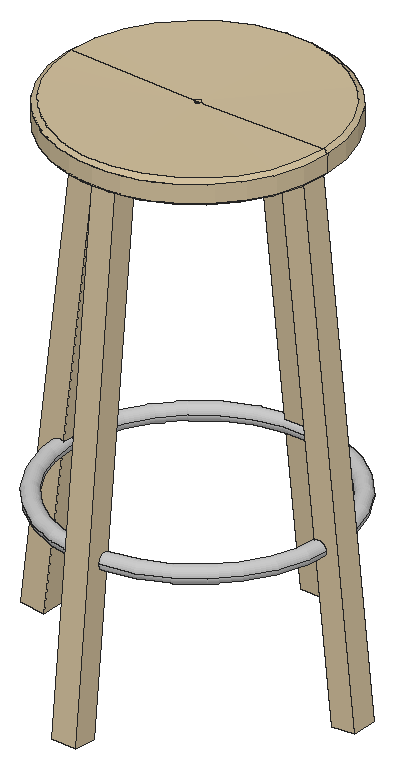
Revit family "Forniture_Stool_Plank_Blocco-Stool", category Furniture, host Face, Revit 2017
Family settings
  Host = Face
  Cut with Voids When Loaded = No
  Shared = No
  Room Calculation Point = No
Parameters (values of type "Blocco Stool - Mod. 8500-60 (63 cm)")
  structure = Plank-Frassino
  Youtube clip = ""
  Weight Net (Kg) = "0"
  Uniformat II Description = "Movable Furnishings"
  Uniformat II Code = "E2020"
  Uniclass 2015 Name = "Furnishings"
  Uniclass 2015 Code = "EF_40_30"
  Uniclass 2.0 Description = "Fittings, Furnishings And Equipment (Ff&E) And Signage Elements"
  Uniclass 2.0 Code = "EE-35"
  Uniclass 1.4 Description = "Furniture/Equipment"
  Uniclass 1.4 Code = "JN"
  URL = "https://www.plank.it/en/"
  UNSPSC Code = "56"
  Technical description = "https://www.plank.it/en/products/stools/blocco/"
  Ring = Plank - Aluminum
  Region South America = "AR, BO, BR, CL, CO, EC, FK, GF, GY, PE, PY, SR, UY, VE"
  Region Oceania = "AS, AU, CK, FJ, FM, GU, KI, MH, MP, NC, NF, NR, NU, NZ, PF, PG, PN, PW, SB, TK, TL, TO, TV, UM, WF, WS, VU"
  Region North America = "AG, AI, AW, BB, BL, BM, BQ, BS, BZ, CA, CR, CU, CW, DM, DO, GD, GL, GP, GT, HN, HT, JM, KN, KY, LC, MF, MQ, MS, MX, NI, PA, PM, PR, SV, SX, TC, TT, US, VC, VG, VI"
  Region Middle East = "AE, AF, BH, EG, IL, IQ, IR, JO, KW, LB, OM, PS, QA, SA, SY, TR, YE"
  Region Europe = "AD, AL, AT, AX, BA, BE, BG, BY, CH, CY, CZ, DE, DK, EE, ES, FI, FO, FR, GB, GG, GI, GR, HR, HU, IE, IM, IS, IT, JE, LI, LT, LU, LV, MC, MD, ME, MK, MT, NL, NO, PL, PT, RO, RS, RU, SE, SI, SJ, SK, SM, UA, VA"
  Region Asia = "AM, AZ, BD, BN, BT, CC, CN, CX, GE, HK, ID, IN, IO, JP, KG, KH, KP, KR, KZ, LA, LK, MM, MN, MO, MV, MY, NP, PH, PK, SG, TH, TJ, TM, TW, UZ, VN"
  Region Antarctica = "AQ, BV, GS, HM, TF"
  Region Africa = "AO, BF, BI, BJ, BW, CD, CF, CG, CI, CM, CV, DJ, DZ, EH, ER, ET, GA, GH, GM, GN, GQ, GW, KE, KM, LR, LS, LY, MA, MG, ML, MR, MU, MW, MZ, NA, NE, NG, RE, RW, SC, SD, SH, SL, SN, SO, SS, ST, SZ, TD, TG, TN, TZ, UG, YT, ZA, ZM, ZW"
  QR code = "http://bimobject.com/plank/product/Blocco-Stool"
  Product url = "https://www.plank.it/en/products/stools/blocco/"
  Product group = "Stool"
  Product family = "Blocco"
  Product data url = "https://bimobject.com/plank/product/Blocco-Stool"
  Product certification = ""
  Product SKU = "Blocco-Stool"
  Product Guid = "7a3048ce-f884-49dc-8f50-27b34def9914"
  OmniClass Description = "Furnishings, Fixtures and Equipment Products"
  OmniClass Code = "23-21 00 00"
  Nominal width = 0 mm
  Nominal height = 0 mm
  NBS Reference Description = "Fittings, Furnishings And Equipment (Ff&E) Products"
  NBS Reference Code = "31"
  Material secondary = "Paint"
  Material main = "Wood"
  Masterformat 2014 Description = "Furnishings"
  Masterformat 2014 Code = "12 00 00"
  Manufacturer name = "PLANK"
  Manufacturer country = "Italy"
  Installation instructions = ""
  IFC Classification = "Furnishing Element"
  Edition number = 1
  EAN code = ""
  Design country = "Italy"
  Default Elevation = 1219.2 mm
  Model = "Blocco Stool - Mod. 8500-60 (63 cm)"
  Link Model = "https://www.plank.it/en/products/stools/blocco/"
  Hight stool = 630 mm
  Date of publishing = ""
  COBIe Type Category = ""
  Brand url = "http://www.plank.it"
  BIMobject main category code = "furniture"
  BIMobject main category = "Furniture"
  BIMobject category code = "furniture-chairs-stools-benches"
  BIMobject category = "Chairs, Stools & Benches"
Types (3, lengths in mm): name | URL | Model | Link Model | Hight stool
  (no name) | "https://www.plank.it/en/" | "Blocco Stool - Mod. 8500-60 (63 cm)" | "https://www.plank.it/en/products/stools/blocco/" | 630
  Blocco Stool- Mod. 8500-00 (76 cm) | "https://www.plank.it/it/prodotti/sgabelli/blocco/" | "Blocco Stool- Mod. 8500-00 (76 cm)" | "https://www.plank.it/it/prodotti/sgabelli/blocco/" | 760
  Blocco Stool - Mod. 8500-60 (63 cm) | "https://www.plank.it/en/" | "Blocco Stool - Mod. 8500-60 (63 cm)" | "https://www.plank.it/en/products/stools/blocco/" | 630
Reference planes
  plane 1 "Centro (Fronte/Retro)": y = 0
  plane 2: z = 0
  plane 3 "Centro (Sinistra/Destra)": x = 0
  plane 4: z = 630
  plane 5: z = 200
Forms (mm)
  Revolve 1, solid, material "Plank-Frassino" <- "structure"
    sketch origin (0, 0, 0) x (1, 0, 0) y (0, 0, 1)
      loop
        line (-170.41, 655.84) -> (-170.41, 633.597) -> (-166.813, 630) -> (-0.372, 630) -> (-0.372, 657.281) -> (-4.491, 657.281)
        arc (-4.491, 657.281) -> (-84.493, 657.571) -> (-164.458, 660.007) r 2983.776
        line (-164.458, 660.007) -> (-170.41, 655.84)
      axis (0, 660.007) -> (0, 630)
    angle from 0 to 360
  SweptBlend 2, solid, material "Plank-Frassino" <- "structure"
    path origin (0, 0, 0) x (1, 0, 0) y (0, 0, 1)
      loop
        line (-139.77, 629.984) -> (-202.703, 0)
    profile origin (-139.77, 0, 629.984) x (0.995047, 0, -0.099401) y (0, -1, 0)
      loop
        line (-6.665, -20.228) -> (24.335, -20.228) -> (24.335, 10.772) -> (-6.665, 10.772) -> (-6.665, -20.228)
    end profile origin (-202.703, 0, 0) x (0.995047, 0, -0.099401) y (0, -1, 0)
      loop
        line (-15.855, -15.079) -> (14.145, -15.079) -> (14.145, 15.88) -> (-15.855, 15.88) -> (-15.855, -15.079)
  SweptBlend 3, solid, material "Plank-Frassino" <- "structure"
    path origin (0, 0, 0) x (-1, 0, 0) y (0, 0, 1)
      loop
        line (-139.77, 629.984) -> (-202.703, 0)
    profile origin (139.77, 0, 629.984) x (0.995047, 0, 0.099401) y (0, -1, 0)
      loop
        line (6.665, -20.228) -> (6.665, 10.772) -> (-24.335, 10.772) -> (-24.335, -20.228) -> (6.665, -20.228)
    end profile origin (202.703, 0, 0) x (0.995047, 0, 0.099401) y (0, -1, 0)
      loop
        line (15.855, -15.079) -> (15.855, 15.88) -> (-14.145, 15.88) -> (-14.145, -15.079) -> (15.855, -15.079)
  SweptBlend 4, solid, material "Plank-Frassino" <- "structure"
    path origin (-0.372, -0.372, 0) x (0, -1, 0) y (0, 0, -1)
      loop
        line (-139.77, -629.984) -> (-202.703, 0)
    profile origin (-0.372, 139.398, 629.984) x (0, 0.995047, 0.099401) y (1, 0, 0)
      loop
        line (6.665, -20.228) -> (6.665, 10.772) -> (-24.335, 10.772) -> (-24.335, -20.228) -> (6.665, -20.228)
    end profile origin (-0.372, 202.331, 0) x (0, 0.995047, 0.099401) y (1, 0, 0)
      loop
        line (15.855, -15.079) -> (15.855, 15.88) -> (-14.145, 15.88) -> (-14.145, -15.079) -> (15.855, -15.079)
  SweptBlend 5, solid, material "Plank-Frassino" <- "structure"
    path origin (-0.372, 0.372, 0) x (0, 1, 0) y (0, 0, 1)
      loop
        line (-139.77, 629.984) -> (-202.703, 0)
    profile origin (-0.372, -139.398, 629.984) x (0, 0.995047, -0.099401) y (1, 0, 0)
      loop
        line (-6.665, -20.228) -> (24.335, -20.228) -> (24.335, 10.772) -> (-6.665, 10.772) -> (-6.665, -20.228)
    end profile origin (-0.372, -202.331, 0) x (0, 0.995047, -0.099401) y (1, 0, 0)
      loop
        line (-15.855, -15.079) -> (14.145, -15.079) -> (14.145, 15.88) -> (-15.855, 15.88) -> (-15.855, -15.079)
  Sweep 6, solid, material "Plank - Aluminum" <- "Ring"
    path origin (-383.054, -4572, 200) x (-1, 0, 0) y (0, -1, 0)
      loop
        circle (-382.682, -4572) r 170.782
    profile origin (-0.372, -170.782, 200) x (0, 1, 0) y (0, 0, 1)
      loop
        circle (0, 0) r 10
Dimensions and locks
  "Hight stool": plane 4 to host face
  locked: Revolve 1 to Revolve 1 at 25.84
  locked: plane 4 to plane 5 at 430
  locked: Revolve 1 sketch curve to Revolve 1 sketch curve at 27.281
  aligned and locked: plane 2 to host face
  aligned and locked: level to host face
  aligned and locked: Revolve 1 sketch curve to plane 4
  aligned and locked: level to SweptBlend 2 sketch curve
Automatic sketch dimensions
  host sketch curve to host sketch curve = 2438.4 mm  (x2)
  SweptBlend 2 sketch curve to plane 3 "Centro (Sinistra/Destra)" = 202.703 mm
  SweptBlend 2 sketch curve to plane 4 = 0.016 mm
  SweptBlend 2 sketch curve to plane 3 "Centro (Sinistra/Destra)" = 139.77 mm
  profile plane to SweptBlend 2 sketch curve = 6.665 mm
  plane 1 "Centro (Fronte/Retro)" to SweptBlend 2 sketch curve = 10.772 mm
  SweptBlend 2 sketch curve to profile plane = 24.335 mm
  SweptBlend 2 sketch curve to plane 1 "Centro (Fronte/Retro)" = 20.228 mm
  profile plane to SweptBlend 2 sketch curve = 15.855 mm
  SweptBlend 2 sketch curve to profile plane = 14.145 mm
  SweptBlend 2 sketch curve to plane 1 "Centro (Fronte/Retro)" = 15.079 mm
  plane 1 "Centro (Fronte/Retro)" to SweptBlend 2 sketch curve = 15.88 mm
  SweptBlend 3 sketch curve to level = 0 mm
  SweptBlend 3 sketch curve to plane 3 "Centro (Sinistra/Destra)" = 202.703 mm
  plane 4 to SweptBlend 3 sketch curve = 0.016 mm
  SweptBlend 3 sketch curve to plane 3 "Centro (Sinistra/Destra)" = 139.77 mm
  profile plane to SweptBlend 3 sketch curve = 24.335 mm
  SweptBlend 3 sketch curve to profile plane = 6.665 mm
  SweptBlend 3 sketch curve to plane 1 "Centro (Fronte/Retro)" = 20.228 mm
  plane 1 "Centro (Fronte/Retro)" to SweptBlend 3 sketch curve = 10.772 mm
  profile plane to SweptBlend 3 sketch curve = 14.145 mm
  SweptBlend 3 sketch curve to profile plane = 15.855 mm
  SweptBlend 3 sketch curve to plane 1 "Centro (Fronte/Retro)" = 15.079 mm
  plane 1 "Centro (Fronte/Retro)" to SweptBlend 3 sketch curve = 15.88 mm
  SweptBlend 4 sketch curve to level = 0 mm
  SweptBlend 4 sketch curve to plane 1 "Centro (Fronte/Retro)" = 202.331 mm
  SweptBlend 4 sketch curve to plane 4 = 0.016 mm
  SweptBlend 4 sketch curve to plane 1 "Centro (Fronte/Retro)" = 139.398 mm
  profile plane to SweptBlend 4 sketch curve = 24.335 mm
  SweptBlend 4 sketch curve to profile plane = 6.665 mm
  SweptBlend 4 sketch curve to profile plane = 20.228 mm
  profile plane to SweptBlend 4 sketch curve = 10.772 mm
  profile plane to SweptBlend 4 sketch curve = 14.145 mm
  SweptBlend 4 sketch curve to profile plane = 15.855 mm
  SweptBlend 4 sketch curve to profile plane = 15.079 mm
  profile plane to SweptBlend 4 sketch curve = 15.88 mm
  SweptBlend 5 sketch curve to level = 0 mm
  plane 1 "Centro (Fronte/Retro)" to SweptBlend 5 sketch curve = 202.331 mm
  SweptBlend 5 sketch curve to plane 4 = 0.016 mm
  plane 1 "Centro (Fronte/Retro)" to SweptBlend 5 sketch curve = 139.398 mm
  profile plane to SweptBlend 5 sketch curve = 6.665 mm
  profile plane to SweptBlend 5 sketch curve = 10.772 mm
  SweptBlend 5 sketch curve to profile plane = 24.335 mm
  SweptBlend 5 sketch curve to profile plane = 20.228 mm
  profile plane to SweptBlend 5 sketch curve = 15.855 mm
  SweptBlend 5 sketch curve to profile plane = 14.145 mm
  SweptBlend 5 sketch curve to profile plane = 15.079 mm
  profile plane to SweptBlend 5 sketch curve = 15.88 mm
  plane 1 "Centro (Fronte/Retro)" to Sweep 6 sketch curve = 0 mm
  Sweep 6 sketch curve to plane 3 "Centro (Sinistra/Destra)" = 0.372 mm
  Sweep 6 sketch curve to plane 5 = 0 mm
  Sweep 6 sketch curve to profile plane = 0 mm
  Revolve 1 sketch curve to plane 3 "Centro (Sinistra/Destra)" = 0 mm
  Revolve 1 sketch curve to plane 3 "Centro (Sinistra/Destra)" = 0.372 mm
  Revolve 1 sketch curve to plane 3 "Centro (Sinistra/Destra)" = 33.659 mm
  plane 4 to Revolve 1 sketch curve = 30.007 mm
  Revolve 1 sketch curve to Revolve 1 sketch curve = 164.086 mm
  Revolve 1 sketch curve to Revolve 1 sketch curve = 2.354 mm
  plane 4 to Revolve 1 sketch curve = 25.84 mm
  Revolve 1 sketch curve to Revolve 1 sketch curve = 5.951 mm
  plane 4 to Revolve 1 sketch curve = 3.597 mm
  Revolve 1 sketch curve to Revolve 1 sketch curve = 4.119 mm
  Revolve 1 sketch curve to Revolve 1 sketch curve = 12.719 mm
  Revolve 1 sketch curve to Revolve 1 sketch curve = 5 mm
  radius of Sweep 6 sketch curve = 170.782 mm
  radius of Sweep 6 sketch curve = 10 mm
